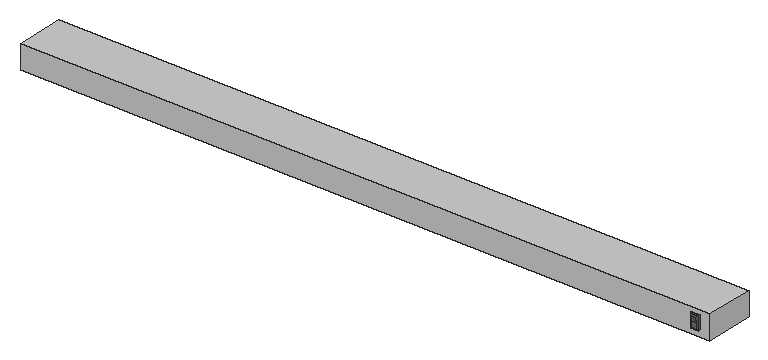
Revit family "QF_INOMAK_XWH19_250610034633", category Specialty Equipment, Revit 2021
Family settings
  Round Connector Dimension = Use Diameter
  Part Type = Normal
  OmniClass Number = 23.40.40.14
  OmniClass Title = Food Service Equipment
  Work Plane-Based = No
  Always vertical = Yes
  Cut with Voids When Loaded = No
  Shared = No
  Room Calculation Point = No
Parameters (values of type "XWH19")
  Weight [instance] = 6.3004 kg
  Warranty Start Date [instance] = ""
  Warranty Duration [instance] = ""
  Volts [instance] = 230 V
  Volt Free Conn [instance] = no
  URL Recommended Spares List [instance] = ""
  URL Manufacturer [instance] = ""
  URL Cutsheet [instance] = ""
  URL Critical Spares List [instance] = ""
  URL = "www.inomak.com"
  Technical Documentation [instance] = ""
  Tag Number [instance] = ""
  Status [instance] = ""
  Start Up Current [instance] = 0 A
  Specification by User [instance] = ""
  Specification by Manufacturer [instance] = ""
  Sound Level [instance] = ""
  Show Logo [instance] = yes
  Show Clearances [instance] = yes
  Service Life Duration [instance] = ""
  Serial Number [instance] = ""
  Seismic Rating [instance] = ""
  SMACNA No [instance] = ""
  Revision Code [instance] = ""
  Revision [instance] = ""
  Production Year [instance] = ""
  Potential Equalisation [instance] = no
  Point Load [instance] = 0
  Phase [instance] = 1
  Other Equipment Approvals [instance] = ""
  Operational Current [instance] = 0 A
  Number of Poles [instance] = 2
  No Load Power Draw [instance] = no
  NAFEM Spec ID Number [instance] = ""
  Model Warning [instance] = ""
  Model = "XWH19"
  Min Ckt Ampacity [instance] = 0 A
  Max Overcurrent Protection [instance] = 10 A
  Masterspec [instance] = ""
  Manufacturer = "INOMAK"
  Main switch integrated [instance] = no
  Length Actual [instance] = 1752.092 mm
  Item Number [instance] = ""
  Installed By [instance] = ""
  Installation Date [instance] = ""
  Identify Quantity as Lot [instance] = no
  ID [instance] = ""
  Hygiene Approval [instance] = ""
  Height Actual [instance] = 59.944 mm
  HP power [instance] = ""
  Furnished By [instance] = ""
  Foodservice Equipment Identifier [instance] = no
  FL Amps [instance] = 3.39 A
  Electrical Remarks [instance] = ""
  Electric power [instance] = 780 W
  Electric Connection Type [instance] = ""
  Elec Conn RI Height [instance] = 0 mm
  Elec Conn Connection Height [instance] = 0 mm
  ETL Approved [instance] = no
  Description = "HEATING ELEMENTS, 6 HALOGEN LAMPS"
  Depth Actual [instance] = 121.92 mm
  Default Elevation = 0 mm
  Cycle [instance] = 50 Hz
  Cost = 0
  Connection to energy optimisation system [instance] = yes
  Conn Plug [instance] = ""
  Conn Conduit [instance] = no
  Centralized building control system with digital interface [instance] = ""
  CSI MasterFormat [instance] = ""
  CE Approved [instance] = no
  Barcode [instance] = 0
  Author [instance] = ""
  Asset Identifier [instance] = ""
  Apparent Power [instance] = 780 VA
  Accessory [instance] = no
Reference planes
  plane 1 "Center (Front/Back)": y = 0
  plane 2: z = 0
  plane 3 "Center (Left/Right)": x = 0
Forms (mm)
  Extrusion 1, solid, not visible
    sketch origin (30.001, 59.003, -30.001) x (1, 0, 0) y (0, 1, 0)
      loop
        line (-2, 2) -> (-2, -2) -> (2, -2) -> (2, 2) -> (-2, 2)
    from -2 to 2
Dimensions and locks
  locked: nested 2 to Extrusion 1
  locked: nested 2 to Extrusion 1 at 2
  aligned and locked: level to plane 2
Nested families
  nested 1: "QF_INOMAK_HEATING_ELEMENT_1752_2920" at (0, 0, 0), type "XWH19"
    with Weight 6.3004 kg, Warranty Start Date "", Warranty Duration "", URL Cutsheet "", Technical Documentation "", Tag Number "", Status "", Specification by User "", Specification by Manufacturer "", Sound Level "", Solid Fuel Type "", Show Logo yes, Show Clearances yes, Service Life Duration "", Serial Number "", Seismic Rating "", SMACNA No "", Revision Code "", Revision "", Production Year "", Point Load 0, Other Equipment Approvals "", NAFEM Spec ID Number "", Model Warning "", Masterspec "", Length Actual 1752.092 mm, Item Number "", Installed By "", Installation Date "", Identify Quantity as Lot yes, ID "", Hygiene Approval "", Height Actual 59.944 mm, Height AFF 0 mm, Furnished By "", Foodservice Equipment Identifier yes, ETL Approved yes, Depth Actual 121.92 mm, CSI MasterFormat "", CE Approved yes, Barcode "", Author "", Asset Identifier "", Accessory no
  nested 2: "CONN_POINT_ELE_2D___Generic_Annotation" at (30.001, 61.003, -30.001), type "CONN_POINT_ELE_2D___Generic_Annotation"
    with Onboard connection annotation symbol visibility yes
Connectors
  electrical at (30.001, 61.003, -30.001), driven by "Apparent Power", driven by "Number of Poles", driven by "Volts"
    settings: on Extrusion 1, index 1, voltage 230 V, apparent load 0 VA, apparent load phase1 780 VA, apparent load phase2 0 VA, apparent load phase3 0 VA, power factor 1, load classification "Other", number of poles 2, system type 31, power factor state 1, is connector primary yes, connector utility no, sub classification motor no, connector description "Electrical connection for XWH19"
Definition of nested family "QF_INOMAK_HEATING_ELEMENT_1752_2920"
  Parameters (values of type "XWH19")
    Weight [instance] = 0.00 kg
    Warranty Start Date [instance] = ""
    Warranty Duration [instance] = ""
    URL Cutsheet [instance] = ""
    URL = "www.inomak.com"
    Technical Documentation [instance] = ""
    Tag Number [instance] = ""
    Status [instance] = ""
    Specification by User [instance] = ""
    Specification by Manufacturer [instance] = ""
    Sound Level [instance] = ""
    Solid Fuel Type [instance] = ""
    Show Logo [instance] = yes
    Show Clearances [instance] = yes
    Service Life Duration [instance] = ""
    Serial Number [instance] = ""
    Seismic Rating [instance] = ""
    SMACNA No [instance] = ""
    Revision Code [instance] = ""
    Revision [instance] = ""
    Production Year [instance] = ""
    Point Load [instance] = 0
    Other Equipment Approvals [instance] = ""
    NAFEM Spec ID Number [instance] = ""
    Model Warning [instance] = ""
    Model = "XWH19"
    Masterspec [instance] = ""
    Manufacturer = "INOMAK"
    Length Actual [instance] = 0 mm
    Item Number [instance] = ""
    Installed By [instance] = ""
    Installation Date [instance] = ""
    Identify Quantity as Lot [instance] = yes
    ID [instance] = ""
    Hygiene Approval [instance] = ""
    Height Actual [instance] = 0 mm
    Height AFF [instance] = 0 mm
    Furnished By [instance] = ""
    Foodservice Equipment Identifier [instance] = yes
    ETL Approved [instance] = yes
    Description = "HEATING ELEMENTS, 6 HALOGEN LAMPS"
    Depth Actual [instance] = 0 mm
    Default Elevation = 0 mm
    CSI MasterFormat [instance] = ""
    CE Approved [instance] = yes
    Barcode [instance] = ""
    Author [instance] = ""
    Asset Identifier [instance] = ""
    Assembly Code = "E1090320"
    Accessory [instance] = yes
  Reference planes
    plane 1 "Back": y = 0
    plane 2: z = 0
    plane 3 "Left": x = 0
    plane 4 "Right": x = 1752
    plane 5 "Front": y = -61
    plane 6 "Bottom": z = 0
    plane 7: y = 61
    plane 8 "Topp": z = 60
    plane 9 "Center Left Right": x = 876
  Forms (mm)
    Extrusion 1, solid
      sketch origin (-9.264, 1899.136, 0) x (0, 1, 0) y (-1, 0, 0)
        loop
          line (-1838.136, -9.264) -> (-1960.136, -9.264) -> (-1960.136, -1761.264) -> (-1838.136, -1761.264) -> (-1838.136, -9.264)
        loop
          line (-1863.136, -34.264) -> (-1935.136, -34.264) -> (-1935.136, -1736.264) -> (-1863.136, -1736.264) -> (-1863.136, -34.264)
      from 0 to 35
    Extrusion 2, solid
      sketch origin (0, 61, 60) x (0, 1, 0) y (-1, 0, 0)
        loop
          line (0, 0) -> (-122, 0) -> (-122, -1752) -> (0, -1752) -> (0, 0)
      from 0 to -25
    Extrusion 3, solid
      sketch origin (-9.264, 1899.136, 0) x (0, 1, 0) y (-1, 0, 0)
        loop
          line (-1863.136, -214.264) -> (-1935.136, -214.264) -> (-1935.136, -338.764) -> (-1863.136, -338.764) -> (-1863.136, -214.264)
      from 0 to 35
    Extrusion 4, solid
      sketch origin (-9.264, 1899.136, 0) x (0, 1, 0) y (-1, 0, 0)
        loop
          line (-1863.136, -643.264) -> (-1863.136, -518.764) -> (-1935.136, -518.764) -> (-1935.136, -643.264) -> (-1863.136, -643.264)
      from 0 to 35
    Extrusion 5, solid
      sketch origin (-9.264, 1899.136, 0) x (0, 1, 0) y (-1, 0, 0)
        loop
          line (-1863.136, -34.264) -> (-1935.136, -34.264) -> (-1935.136, -214.264) -> (-1863.136, -214.264) -> (-1863.136, -34.264)
        loop
          line (-1868.136, -39.264) -> (-1930.136, -39.264) -> (-1930.136, -209.264) -> (-1868.136, -209.264) -> (-1868.136, -39.264)
      from -2 to 35
    Extrusion 6, solid
      sketch origin (0, 61, 1000) x (0, 1, 0) y (0, 0, 1)
        loop
          line (-30, -1000) -> (-30, -965) -> (-92, -965) -> (-92, -1000) -> (-87.07, -987.66)
          arc (-87.07, -987.66) -> (-61, -970.002) -> (-34.93, -987.66) r 28.074
          line (-34.93, -987.66) -> (-30, -1000)
      from 30 to 200
    Extrusion 7, solid
      sketch origin (0, 61, 1000) x (0, 1, 0) y (0, 0, 1)
        loop
          circle (-61, -985.002) r 10
      from 30 to 200
    Extrusion 8, solid
      sketch origin (-9.264, 1899.136, 0) x (0, 1, 0) y (-1, 0, 0)
        loop
          line (-1863.136, -338.764) -> (-1935.136, -338.764) -> (-1935.136, -518.764) -> (-1863.136, -518.764) -> (-1863.136, -338.764)
        loop
          line (-1868.136, -343.764) -> (-1930.136, -343.764) -> (-1930.136, -513.764) -> (-1868.136, -513.764) -> (-1868.136, -343.764)
      from -2 to 35
    Extrusion 9, solid
      sketch origin (304.5, 61, 1000) x (0, 1, 0) y (0, 0, 1)
        loop
          line (-30, -1000) -> (-30, -965) -> (-92, -965) -> (-92, -1000) -> (-87.07, -987.66)
          arc (-87.07, -987.66) -> (-61, -970.002) -> (-34.93, -987.66) r 28.074
          line (-34.93, -987.66) -> (-30, -1000)
      from 30 to 200
    Extrusion 10, solid
      sketch origin (304.5, 61, 1000) x (0, 1, 0) y (0, 0, 1)
        loop
          circle (-61, -985.002) r 10
      from 30 to 200
    Extrusion 11, solid
      sketch origin (-9.264, 1899.136, 0) x (0, 1, 0) y (-1, 0, 0)
        loop
          line (-1863.136, -643.264) -> (-1935.136, -643.264) -> (-1935.136, -823.264) -> (-1863.136, -823.264) -> (-1863.136, -643.264)
        loop
          line (-1868.136, -648.264) -> (-1930.136, -648.264) -> (-1930.136, -818.264) -> (-1868.136, -818.264) -> (-1868.136, -648.264)
      from -2 to 35
    Extrusion 12, solid
      sketch origin (609, 61, 1000) x (0, 1, 0) y (0, 0, 1)
        loop
          line (-30, -1000) -> (-30, -965) -> (-92, -965) -> (-92, -1000) -> (-87.07, -987.66)
          arc (-87.07, -987.66) -> (-61, -970.002) -> (-34.93, -987.66) r 28.074
          line (-34.93, -987.66) -> (-30, -1000)
      from 30 to 200
    Extrusion 13, solid
      sketch origin (609, 61, 1000) x (0, 1, 0) y (0, 0, 1)
        loop
          circle (-61, -985.002) r 10
      from 30 to 200
    Extrusion 14, solid
      sketch origin (777, -64, 1000) x (-1, 0, 0) y (0, 0, 1)
        loop
          line (-950, -985) -> (-930, -985) -> (-930, -950) -> (-950, -950) -> (-950, -985)
      from 0 to 3
    Extrusion 15, solid
      sketch origin (805, 61, 1000) x (0, 1, 0) y (0, 0, 1)
        loop
          line (-125, -982) -> (-125, -953)
          arc (-125, -953) -> (-127.961, -953.188) -> (-130.754, -954.19) r 10.576
          line (-130.754, -954.19) -> (-128, -967.5) -> (-128, -982) -> (-125, -982)
      from 905 to 919
    Extrusion 16, solid
      sketch origin (-9.264, 1899.136, 0) x (0, 1, 0) y (-1, 0, 0)
        loop
          line (-1863.136, -1556.264) -> (-1935.136, -1556.264) -> (-1935.136, -1736.264) -> (-1863.136, -1736.264) -> (-1863.136, -1556.264)
        loop
          line (-1868.136, -1561.264) -> (-1930.136, -1561.264) -> (-1930.136, -1731.264) -> (-1868.136, -1731.264) -> (-1868.136, -1561.264)
      from -2 to 35
    Extrusion 17, solid
      sketch origin (1522, 61, 1000) x (0, 1, 0) y (0, 0, 1)
        loop
          line (-30, -1000) -> (-30, -965) -> (-92, -965) -> (-92, -1000) -> (-87.07, -987.66)
          arc (-87.07, -987.66) -> (-61, -970.002) -> (-34.93, -987.66) r 28.074
          line (-34.93, -987.66) -> (-30, -1000)
      from 30 to 200
    Extrusion 18, solid
      sketch origin (1522, 61, 1000) x (0, 1, 0) y (0, 0, 1)
        loop
          circle (-61, -985.002) r 10
      from 30 to 200
    Extrusion 19, solid
      sketch origin (-9.264, 1899.136, 0) x (0, 1, 0) y (-1, 0, 0)
        loop
          line (-1863.136, -823.264) -> (-1935.136, -823.264) -> (-1935.136, -947.264) -> (-1863.136, -947.264) -> (-1863.136, -823.264)
      from 0 to 35
    Extrusion 20, solid
      sketch origin (-9.264, 1899.136, 0) x (0, 1, 0) y (-1, 0, 0)
        loop
          line (-1863.136, -1127.264) -> (-1863.136, -947.264) -> (-1935.136, -947.264) -> (-1935.136, -1127.264) -> (-1863.136, -1127.264)
        loop
          line (-1868.136, -1122.264) -> (-1868.136, -952.264) -> (-1930.136, -952.264) -> (-1930.136, -1122.264) -> (-1868.136, -1122.264)
      from -2 to 35
    Extrusion 21, solid
      sketch origin (1143, 61, 1000) x (0, 1, 0) y (0, 0, -1)
        loop
          line (-30, 1000) -> (-34.93, 987.66)
          arc (-34.93, 987.66) -> (-61, 970.002) -> (-87.07, 987.66) r 28.074
          line (-87.07, 987.66) -> (-92, 1000) -> (-92, 965) -> (-30, 965) -> (-30, 1000)
      from 30 to 200
    Extrusion 22, solid
      sketch origin (1143, 61, 1000) x (0, 1, 0) y (0, 0, -1)
        loop
          circle (-61, 985.002) r 10
      from 30 to 200
    Extrusion 23, solid
      sketch origin (-9.264, 1899.136, 0) x (0, 1, 0) y (-1, 0, 0)
        loop
          line (-1863.136, -1127.264) -> (-1935.136, -1127.264) -> (-1935.136, -1251.764) -> (-1863.136, -1251.764) -> (-1863.136, -1127.264)
      from 0 to 35
    Extrusion 24, solid
      sketch origin (-9.264, 1899.136, 0) x (0, 1, 0) y (-1, 0, 0)
        loop
          line (-1863.136, -1431.764) -> (-1935.136, -1431.764) -> (-1935.136, -1556.264) -> (-1863.136, -1556.264) -> (-1863.136, -1431.764)
      from 0 to 35
    Extrusion 25, solid
      sketch origin (-9.264, 1899.136, 0) x (0, 1, 0) y (-1, 0, 0)
        loop
          line (-1863.136, -1251.764) -> (-1935.136, -1251.764) -> (-1935.136, -1431.764) -> (-1863.136, -1431.764) -> (-1863.136, -1251.764)
        loop
          line (-1868.136, -1256.764) -> (-1930.136, -1256.764) -> (-1930.136, -1426.764) -> (-1868.136, -1426.764) -> (-1868.136, -1256.764)
      from -2 to 35
    Extrusion 26, solid
      sketch origin (1217.5, 61, 1000) x (0, 1, 0) y (0, 0, 1)
        loop
          line (-30, -1000) -> (-30, -965) -> (-92, -965) -> (-92, -1000) -> (-87.07, -987.66)
          arc (-87.07, -987.66) -> (-61, -970.002) -> (-34.93, -987.66) r 28.074
          line (-34.93, -987.66) -> (-30, -1000)
      from 30 to 200
    Extrusion 27, solid
      sketch origin (1217.5, 61, 1000) x (0, 1, 0) y (0, 0, 1)
        loop
          circle (-61, -985.002) r 10
      from 30 to 200
  Cuts and joins
    joined: Extrusion 1, Extrusion 2, Extrusion 3, Extrusion 4, Extrusion 19, Extrusion 23, Extrusion 24
  Lines and regions (mm)
    symbolic lines
      curve 1: line (0, 61, 0) -> (1752, 61, 0)
      curve 2: line (0, -61, 0) -> (0, 61, 0)
      curve 3: line (1752, -61, 0) -> (0, -61, 0)
      curve 4: line (1752, 61, 0) -> (1752, -61, 0)
      curve 5: circle (0, 0, 0) r 0.2 normal (0, 0, 1)
      curve 6: circle (1752, 0, 0) r 0.2 normal (0, 0, 1)
    reference lines
      curve 7: line (876, 61, 0) -> (876, -61, 0)
  Dimensions and locks
    plane 3 "Left" to plane 4 "Right" = 1752 mm
    plane 5 "Front" to plane 7 = 122 mm
    locked: plane 8 "Topp" to plane 6 "Bottom" at 60
    "Height AFF": plane 6 "Bottom" to plane 2
    "Height AFF": curve 7 to plane 2
    aligned and locked: level to plane 2
    aligned and locked: plane 1 "Back" to curve 5
    aligned and locked: plane 3 "Left" to curve 5
    aligned and locked: plane 4 "Right" to curve 6
  Automatic sketch dimensions
    Extrusion 6 sketch curve to plane 6 "Bottom" = 0 mm  (x2)
    Extrusion 6 sketch curve to plane 1 "Back" = 0 mm
    plane 6 "Bottom" to Extrusion 6 sketch curve = 12.34 mm  (x2)
    plane 1 "Back" to Extrusion 6 sketch curve = 26.07 mm
    Extrusion 6 sketch curve to Extrusion 6 sketch curve = 4.93 mm  (x2)
    plane 6 "Bottom" to Extrusion 6 sketch curve = 1.925 mm
    Extrusion 6 sketch curve to Extrusion 6 sketch curve = 22.66 mm
    Extrusion 7 sketch curve to plane 1 "Back" = 0 mm
    plane 6 "Bottom" to Extrusion 7 sketch curve = 14.998 mm
    Extrusion 9 sketch curve to plane 6 "Bottom" = 0 mm  (x2)
    Extrusion 9 sketch curve to plane 1 "Back" = 0 mm
    plane 6 "Bottom" to Extrusion 9 sketch curve = 12.34 mm  (x2)
    plane 1 "Back" to Extrusion 9 sketch curve = 26.07 mm
    Extrusion 9 sketch curve to Extrusion 9 sketch curve = 4.93 mm  (x2)
    plane 6 "Bottom" to Extrusion 9 sketch curve = 1.925 mm
    Extrusion 9 sketch curve to Extrusion 9 sketch curve = 22.66 mm
    Extrusion 10 sketch curve to plane 1 "Back" = 0 mm
    plane 6 "Bottom" to Extrusion 10 sketch curve = 14.998 mm
    Extrusion 12 sketch curve to plane 6 "Bottom" = 0 mm  (x2)
    Extrusion 12 sketch curve to plane 1 "Back" = 0 mm
    plane 6 "Bottom" to Extrusion 12 sketch curve = 12.34 mm  (x2)
    plane 1 "Back" to Extrusion 12 sketch curve = 26.07 mm
    Extrusion 12 sketch curve to Extrusion 12 sketch curve = 4.93 mm  (x2)
    plane 6 "Bottom" to Extrusion 12 sketch curve = 1.925 mm
    Extrusion 12 sketch curve to Extrusion 12 sketch curve = 22.66 mm
    Extrusion 13 sketch curve to plane 1 "Back" = 0 mm
    plane 6 "Bottom" to Extrusion 13 sketch curve = 14.998 mm
    Extrusion 14 sketch curve to plane 8 "Topp" = 10 mm
    plane 4 "Right" to Extrusion 14 sketch curve = 25 mm
    Extrusion 14 sketch curve to Extrusion 14 sketch curve = 20 mm
    plane 6 "Bottom" to Extrusion 14 sketch curve = 15 mm
    Extrusion 15 sketch curve to plane 5 "Front" = 8.754 mm
    Extrusion 15 sketch curve to plane 5 "Front" = 6 mm
    Extrusion 15 sketch curve to plane 5 "Front" = 3.818 mm
    Extrusion 15 sketch curve to plane 5 "Front" = 3 mm
    plane 6 "Bottom" to Extrusion 15 sketch curve = 18 mm
    Extrusion 15 sketch curve to Extrusion 15 sketch curve = 14.5 mm
    Extrusion 15 sketch curve to Extrusion 15 sketch curve = 3.955 mm
    Extrusion 15 sketch curve to Extrusion 15 sketch curve = 9.354 mm
    Extrusion 17 sketch curve to plane 6 "Bottom" = 0 mm  (x2)
    Extrusion 17 sketch curve to plane 1 "Back" = 0 mm
    plane 6 "Bottom" to Extrusion 17 sketch curve = 12.34 mm  (x2)
    plane 1 "Back" to Extrusion 17 sketch curve = 26.07 mm
    Extrusion 17 sketch curve to Extrusion 17 sketch curve = 4.93 mm  (x2)
    plane 6 "Bottom" to Extrusion 17 sketch curve = 1.925 mm
    Extrusion 17 sketch curve to Extrusion 17 sketch curve = 22.66 mm
    Extrusion 18 sketch curve to plane 1 "Back" = 0 mm
    plane 6 "Bottom" to Extrusion 18 sketch curve = 14.998 mm
    Extrusion 21 sketch curve to plane 6 "Bottom" = 0 mm  (x2)
    Extrusion 21 sketch curve to plane 1 "Back" = 0 mm
    plane 6 "Bottom" to Extrusion 21 sketch curve = 12.34 mm  (x2)
    plane 1 "Back" to Extrusion 21 sketch curve = 26.07 mm
    Extrusion 21 sketch curve to Extrusion 21 sketch curve = 4.93 mm  (x2)
    Extrusion 21 sketch curve to Extrusion 21 sketch curve = 22.66 mm
    plane 6 "Bottom" to Extrusion 21 sketch curve = 1.925 mm
    Extrusion 22 sketch curve to plane 1 "Back" = 0 mm
    plane 6 "Bottom" to Extrusion 22 sketch curve = 14.998 mm
    Extrusion 26 sketch curve to plane 6 "Bottom" = 0 mm  (x2)
    Extrusion 26 sketch curve to plane 1 "Back" = 0 mm
    plane 6 "Bottom" to Extrusion 26 sketch curve = 12.34 mm  (x2)
    plane 1 "Back" to Extrusion 26 sketch curve = 26.07 mm
    Extrusion 26 sketch curve to Extrusion 26 sketch curve = 4.93 mm  (x2)
    plane 6 "Bottom" to Extrusion 26 sketch curve = 1.925 mm
    Extrusion 26 sketch curve to Extrusion 26 sketch curve = 22.66 mm
    Extrusion 27 sketch curve to plane 1 "Back" = 0 mm
    plane 6 "Bottom" to Extrusion 27 sketch curve = 14.998 mm
    curve 1 to plane 3 "Left" = 0 mm
    curve 4 to plane 4 "Right" = 0 mm
    plane 1 "Back" to curve 6 = 0 mm
    curve 3 to plane 5 "Front" = 0 mm
    curve 2 to plane 7 = 0 mm
    Extrusion 1 sketch curve to plane 4 "Right" = 0 mm
    Extrusion 1 sketch curve to plane 5 "Front" = 0 mm
    Extrusion 1 sketch curve to plane 3 "Left" = 0 mm
    Extrusion 1 sketch curve to plane 7 = 0 mm
    plane 5 "Front" to Extrusion 1 sketch curve = 25 mm
    Extrusion 1 sketch curve to plane 7 = 25 mm
    plane 4 "Right" to Extrusion 1 sketch curve = 25 mm
    plane 3 "Left" to Extrusion 1 sketch curve = 25 mm
    Extrusion 2 sketch curve to plane 3 "Left" = 0 mm
    Extrusion 2 sketch curve to plane 5 "Front" = 0 mm
    Extrusion 2 sketch curve to plane 7 = 0 mm
    Extrusion 2 sketch curve to plane 4 "Right" = 0 mm
    plane 5 "Front" to Extrusion 5 sketch curve = 25 mm
    Extrusion 5 sketch curve to Extrusion 5 sketch curve = 5 mm  (x4)
    Extrusion 5 sketch curve to plane 7 = 30 mm
    plane 3 "Left" to Extrusion 5 sketch curve = 205 mm
    plane 3 "Left" to Extrusion 5 sketch curve = 30 mm
    plane 5 "Front" to Extrusion 8 sketch curve = 25 mm
    Extrusion 8 sketch curve to Extrusion 8 sketch curve = 5 mm  (x4)
    Extrusion 8 sketch curve to plane 7 = 30 mm
    plane 9 "Center Left Right" to Extrusion 8 sketch curve = 366.5 mm
    Extrusion 8 sketch curve to Extrusion 8 sketch curve = 170 mm
    plane 5 "Front" to Extrusion 11 sketch curve = 25 mm
    Extrusion 11 sketch curve to Extrusion 11 sketch curve = 5 mm  (x4)
    Extrusion 11 sketch curve to plane 7 = 30 mm
    plane 9 "Center Left Right" to Extrusion 11 sketch curve = 62 mm
    Extrusion 11 sketch curve to Extrusion 11 sketch curve = 170 mm
    plane 5 "Front" to Extrusion 16 sketch curve = 25 mm
    Extrusion 16 sketch curve to Extrusion 16 sketch curve = 5 mm  (x4)
    Extrusion 16 sketch curve to plane 7 = 30 mm
    plane 4 "Right" to Extrusion 16 sketch curve = 25 mm
    Extrusion 16 sketch curve to Extrusion 16 sketch curve = 170 mm
    plane 5 "Front" to Extrusion 20 sketch curve = 25 mm
    Extrusion 20 sketch curve to Extrusion 20 sketch curve = 5 mm  (x4)
    Extrusion 20 sketch curve to plane 7 = 30 mm
    Extrusion 20 sketch curve to plane 9 "Center Left Right" = 242 mm
    Extrusion 20 sketch curve to plane 9 "Center Left Right" = 67 mm
    plane 5 "Front" to Extrusion 25 sketch curve = 25 mm
    Extrusion 25 sketch curve to Extrusion 25 sketch curve = 5 mm  (x4)
    Extrusion 25 sketch curve to plane 7 = 30 mm
    plane 4 "Right" to Extrusion 25 sketch curve = 329.5 mm
    Extrusion 25 sketch curve to Extrusion 25 sketch curve = 170 mm
    plane 5 "Front" to Extrusion 3 sketch curve = 25 mm
    Extrusion 3 sketch curve to plane 7 = 25 mm
    plane 3 "Left" to Extrusion 3 sketch curve = 329.5 mm
    Extrusion 3 sketch curve to Extrusion 3 sketch curve = 124.5 mm
    plane 5 "Front" to Extrusion 4 sketch curve = 25 mm
    Extrusion 4 sketch curve to plane 7 = 25 mm
    plane 9 "Center Left Right" to Extrusion 4 sketch curve = 242 mm
    Extrusion 4 sketch curve to Extrusion 4 sketch curve = 124.5 mm
    plane 5 "Front" to Extrusion 19 sketch curve = 25 mm
    Extrusion 19 sketch curve to plane 7 = 25 mm
    Extrusion 19 sketch curve to plane 9 "Center Left Right" = 62 mm
    plane 9 "Center Left Right" to Extrusion 19 sketch curve = 62 mm
    plane 5 "Front" to Extrusion 23 sketch curve = 25 mm
    Extrusion 23 sketch curve to plane 7 = 25 mm
    Extrusion 23 sketch curve to plane 9 "Center Left Right" = 366.5 mm
    Extrusion 23 sketch curve to Extrusion 23 sketch curve = 124.5 mm
    plane 5 "Front" to Extrusion 24 sketch curve = 25 mm
    Extrusion 24 sketch curve to plane 7 = 25 mm
    plane 4 "Right" to Extrusion 24 sketch curve = 205 mm
    Extrusion 24 sketch curve to Extrusion 24 sketch curve = 124.5 mm
    curve 7 to plane 7 = 0 mm
    curve 7 to plane 5 "Front" = 0 mm
    radius of Extrusion 7 sketch curve = 10 mm
    radius of Extrusion 10 sketch curve = 10 mm
    radius of Extrusion 13 sketch curve = 10 mm
    radius of Extrusion 18 sketch curve = 10 mm
    radius of Extrusion 22 sketch curve = 10 mm
    radius of Extrusion 27 sketch curve = 10 mm
    radius of curve 5 = 0.2 mm
    radius of curve 6 = 0.2 mm
Definition of nested family "CONN_POINT_ELE_2D___Generic_Annotation"
  Parameters (values of type "CONN_POINT_ELE_2D___Generic_Annotation")
    Onboard connection annotation symbol visibility [instance] = yes
  Reference planes
    plane 1: y = 0
    plane 2: x = 0
  Lines and regions (mm)
    detail lines, visible <- "Onboard connection annotation symbol visibility"
      curve 1: circle (0, 0, 0) r 0.5 normal (0, 0, 1)
      curve 2: line (-1, 0, 0) -> (1, 0, 0)
      curve 3: line (0, 1, 0) -> (0, -1, 0)
      curve 4: line (2.5, 1, 0) -> (1.25, 1, 0)
      curve 5: line (1.25, 1, 0) -> (1.25, -1, 0)
      curve 6: line (1.25, -1, 0) -> (2.5, -1, 0)
      curve 7: line (1.25, 0, 0) -> (2, 0, 0)
